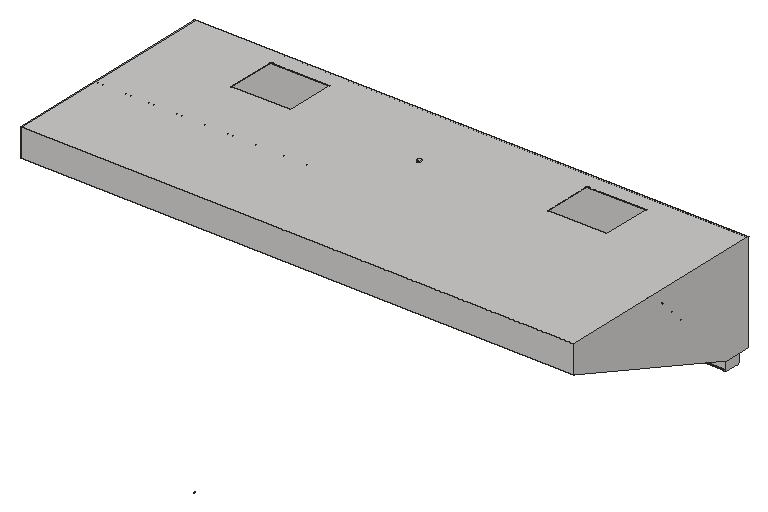
Revit family "QF_ELECTROLUXPROFESSIONAL_644195_AMPV1128BT", category Attrezzature speciali, Revit 2021
Family settings
  Quota connettore circolare = Usa diametro
  Tipo di parte = Normale
  Basato su piano di lavoro = No
  Sempre verticale = Sì
  Taglio con vuoti quando caricato = No
  Condiviso = No
  Punto di calcolo locali = No
Parameters (values of type "Standard")
  Weight = 98.00 kg
  Watts = 840 W
  Volts = 220 V
  URL Manufacturer = "https://www.electroluxprofessional.com/"
  URL = "https://www.electroluxprofessional.com/"
  Steam Supply Size = 0 mm
  Steam Supply Minimum Pressure = 0.0 Pa
  Steam Supply Maximum Pressure = 0.0 Pa
  Steam Consumption per Hour = 0
  Refrigeration Suction Line Size = 0 mm
  Refrigeration Liquid Line Size = 0 mm
  Refrigerant Compressor Remote = yes
  Prospetto di default = 0 mm
  Produttore = "Electrolux Professional"
  Phase = 1
  Modello = "AMPV1128BT"
  Length Actual = 2800 mm  # constant formula
  Item Number = "644195"
  Hot Water Size = 0 mm
  Height Actual = 500 mm  # constant formula
  HP = "1.1 HP"
  Gas Size = 0 mm
  Gas KW = 0
  Gas Input Pressure = 0 W
  Direct Waste Size = 0 mm
  Descrizione = "430 S/S WALL HOOD+FILTERS+FAN 2800X1100"
  Depth Actual = 1100 mm  # constant formula
  Cycle = 50 Hz
  Condensate Return Size = 0 mm
  Compressed Air Volume = 0.0 L/s
  Compressed Air Size = 0 mm
  Compressed Air Pressure = 0.0 Pa
  Cold Water Size = 0 mm
  Accessory = yes
Reference planes
  plane 1 "Center (Front/Back)": y = 0
  plane 2: z = 0
  plane 3 "Center (Left/Right)": x = 150
  plane 4 "LEFT": x = -1250
  plane 5 "RIGHT": x = 1550
  plane 6 "BACK": y = 550
  plane 7 "FRONT": y = -550
  plane 8 "Plane": z = 2000
  plane 9 "TOP": z = 2140
  plane 10 "Base": z = 1640
  plane 11: z = 1566
  plane 12 "DrainY": y = 485
  plane 13: x = -1247
  plane 14: through (0, 414.509, 1640.8) normal (0, 0.7314, 0.682)
  plane 15: y = 470
  plane 16: y = 220
  plane 17 "DrainX": x = 1430
  plane 18: x = -500
  plane 19: x = 800
  plane 20: x = -800
  plane 21: x = 1100
  plane 22: x = 1547
  plane 23: x = 1340
  plane 24: x = 1520
  plane 25: x = -1210
  plane 26: x = -845
  plane 27: x = -450
  plane 28: x = 1510
  plane 29: x = 1145
  plane 30: x = 750
Forms (mm)
  Extrusion 1, solid, material "QF_Finishes_Stainless Steel"
    sketch origin (-1250, 0, 0) x (0, 1, 0) y (0, 0, 1)
      loop
        line (550, 1640) -> (550, 2140) -> (-550, 2140) -> (-550, 1999.112) -> (413.973, 1640) -> (550, 1640)
    from 0 to 3
  Extrusion 2, solid, material "QF_Finishes_Stainless Steel"
    sketch origin (150, 0, 0) x (0, 1, 0) y (0, 0, 1)
      loop
        line (415.255, 1640) -> (550, 1640) -> (550, 2139.19) -> (549.2, 2139.19) -> (549.2, 1640.8) -> (415.876, 1640.8) -> (339.347, 1722.867) -> (349.609, 1732.436) -> (348.927, 1733.167) -> (337.934, 1722.917) -> (415.255, 1640)
      loop
        line (-82.203, 2139.19) -> (-82.203, 2118.6) -> (-31.047, 2118.6) -> (34.354, 2048.466) -> (46.028, 2059.352) -> (45.346, 2060.083) -> (34.403, 2049.879) -> (-30.612, 2119.6) -> (-81.203, 2119.6) -> (-81.203, 2139.19) -> (-82.203, 2139.19)
    from -1397 to 1397
  Extrusion 3, solid, material "QF_Finishes_Stainless Steel"
    sketch origin (1550, 0, 0) x (0, 1, 0) y (0, 0, 1)
      loop
        line (550, 1640) -> (550, 2140) -> (-550, 2140) -> (-550, 1999.112) -> (413.973, 1640) -> (550, 1640)
    from 0 to -3
  Extrusion 4, solid, material "QF_Finishes_Stainless Steel"
    sketch origin (150, 0, 0) x (0, 1, 0) y (0, 0, 1)
      loop
        line (-550, 2140) -> (-550, 2000) -> (-549.2, 2000) -> (-549.2, 2139.19) -> (550, 2139.19) -> (550, 2140) -> (-550, 2140)
    from -1400 to 1400
  Extrusion 5, solid, material "QF_Finishes_Stainless Steel"
    sketch origin (150, 0, 0) x (0, 1, 0) y (0, 0, 1)
      loop
        line (534, 1640) -> (436, 1640) -> (436, 1627) -> (443.5, 1627) -> (443.5, 1576)
        arc (443.5, 1576) -> (446.429, 1568.929) -> (453.5, 1566) r 10
        line (453.5, 1566) -> (516.5, 1566)
        arc (516.5, 1566) -> (523.571, 1568.929) -> (526.5, 1576) r 10
        line (526.5, 1576) -> (526.5, 1627) -> (534, 1627) -> (534, 1640)
    from 1190 to 1370
  Extrusion 6, solid, material "QF_Finishes_Stainless Steel"
    sketch origin (0, 0, 1640) x (0, 1, 0) y (-1, 0, 0)
      loop
        circle (485, -1430) r 20
    from -76 to -74
  Extrusion 7, solid, material "QF_Finished_Chrome"
    sketch origin (150, 0, 0) x (0, 1, 0) y (0, 0, 1)
      loop
        line (337.934, 1722.917) -> (341.591, 1726.327) -> (38.011, 2051.876) -> (34.354, 2048.466) -> (337.934, 1722.917)
    from -995 to -1360
  Extrusion 8, solid, material "QF_Finished_Chrome"
    sketch origin (150, 0, 0) x (0, 1, 0) y (0, 0, 1)
      loop
        line (337.934, 1722.917) -> (341.591, 1726.327) -> (38.011, 2051.876) -> (34.354, 2048.466) -> (337.934, 1722.917)
    from 600 to -600
  Extrusion 9, solid, material "QF_Finishes_Stainless Steel"
    sketch origin (150, 0, 0) x (0, 1, 0) y (0, 0, 1)
      loop
        line (337.934, 1722.917) -> (341.591, 1726.327) -> (38.011, 2051.876) -> (34.354, 2048.466) -> (337.934, 1722.917)
    from 1397 to 1360
  Extrusion 10, solid, material "QF_Finishes_Stainless Steel"
    sketch origin (150, 0, 0) x (0, 1, 0) y (0, 0, 1)
      loop
        line (341.588, 1726.324) -> (38.009, 2051.874) -> (34.354, 2048.466) -> (337.934, 1722.917) -> (341.588, 1726.324)
    from -995 to -600
  Extrusion 11, solid, material "QF_Finished_Chrome"
    sketch origin (150, 0, 0) x (0, 1, 0) y (0, 0, 1)
      loop
        line (341.588, 1726.324) -> (38.009, 2051.874) -> (34.354, 2048.466) -> (337.934, 1722.917) -> (341.588, 1726.324)
    from 995 to 1360
  Extrusion 12, void
    sketch origin (0, 0, 2140) x (0, 1, 0) y (-1, 0, 0)
      loop
        line (470, 800) -> (220, 800) -> (220, 500) -> (470, 500) -> (470, 800)
    from 0 to -10
  Extrusion 13, void
    sketch origin (940, 0, 2140) x (0, 1, 0) y (-1, 0, 0)
      loop
        line (470, 140) -> (220, 140) -> (220, -160) -> (470, -160) -> (470, 140)
    from 0 to -10
  Extrusion 14, solid, material "QF_Finishes_Stainless Steel"
    sketch origin (0, 0, 0) x (1, 0, 0) y (0, 1, 0)
      loop
        line (-1250, 550) -> (-1250, 549) -> (-1249, 549) -> (-1249, 550) -> (-1250, 550)
    from 0 to 1
  Extrusion 15, solid, material "QF_Finishes_Stainless Steel"
    sketch origin (150, 0, 0) x (0, 1, 0) y (0, 0, 1)
      loop
        line (337.934, 1722.917) -> (341.591, 1726.327) -> (38.011, 2051.876) -> (34.354, 2048.466) -> (337.934, 1722.917)
    from -1360 to -1397
  Extrusion 16, solid, material "QF_Finishes_Stainless Steel"
    sketch origin (150, 0, 0) x (0, 1, 0) y (0, 0, -1)
      loop
        line (341.588, -1726.324) -> (337.934, -1722.917) -> (34.354, -2048.466) -> (38.009, -2051.874) -> (341.588, -1726.324)
    from -995 to -600
  Extrusion 17, solid, material "QF_Finishes_Stainless Steel"
    sketch origin (0, 0, 2140) x (0, 1, 0) y (-1, 0, 0)
      loop
        circle (220, -150) r 10
    from 0 to 1.6
Cuts and joins
  Extrusion 12, Extrusion 13 cuts Extrusion 4
  joined: Extrusion 2, Extrusion 4
Lines and regions (mm)
  reference lines
    curve 1: line (150, 34.354, 2048.466) -> (150, 34.354, 1888.466)
  symbolic lines, style "SpecialityEquipment", detail levels coarse
    curve 2: line (1550, 550, 2140) -> (-1250, 550, 2140)
    curve 3: line (-1250, 550, 2140) -> (-1250, -550, 2140)
    curve 4: line (1550, -550, 2140) -> (1550, 550, 2140)
    curve 5: line (-1250, -550, 2140) -> (1550, -550, 2140)
    curve 6: line (-800, 220, 2140) -> (-500, 220, 2140)
    curve 7: line (-800, 470, 2140) -> (-800, 220, 2140)
    curve 8: line (-500, 470, 2140) -> (-800, 470, 2140)
    curve 9: line (-500, 220, 2140) -> (-500, 470, 2140)
    curve 10: line (800, 470, 2140) -> (800, 220, 2140)
    curve 11: line (800, 220, 2140) -> (1100, 220, 2140)
    curve 12: line (1100, 470, 2140) -> (800, 470, 2140)
    curve 13: line (1100, 220, 2140) -> (1100, 470, 2140)
    curve 14: line (-1250, -550, 0) -> (1550, 550, 0)
    curve 15: line (1550, -550, 0) -> (-1250, 550, 0)
Dimensions and locks
  plane 4 "LEFT" to plane 5 "RIGHT" = 2800 mm
  equal spacing: plane 4 "LEFT", plane 3 "Center (Left/Right)", plane 5 "RIGHT"
  locked: plane 8 "Plane" to level at 2000
  plane 9 "TOP" to plane 8 "Plane" = 140 mm
  locked: plane 9 "TOP" to plane 10 "Base" at 500
  plane 10 "Base" to plane 11 = 74 mm
  plane 6 "BACK" to plane 12 "DrainY" = 65 mm  (x2)
  plane 4 "LEFT" to plane 13 = 3 mm
  plane 6 "BACK" to plane 15 = 80 mm
  plane 15 to plane 16 = 250 mm  (x2)
  plane 17 "DrainX" to plane 5 "RIGHT" = 120 mm
  locked: plane 18 to plane 19 at 1300
  equal spacing: plane 18, plane 3 "Center (Left/Right)", plane 19
  plane 20 to plane 18 = 300 mm
  plane 19 to plane 21 = 300 mm
  plane 22 to plane 5 "RIGHT" = 3 mm
  locked: plane 23 to plane 17 "DrainX" at 90
  locked: plane 17 "DrainX" to plane 24 at 90
  plane 6 "BACK" to plane 7 "FRONT" = 1100 mm  (x2)
  equal spacing: plane 6 "BACK", plane 1 "Center (Front/Back)", plane 7 "FRONT"
  plane 16 to plane 7 "FRONT" = 770 mm
  plane 15 to plane 6 "BACK" = 80 mm
  locked: plane 4 "LEFT" to plane 25 at 40
  locked: plane 25 to plane 26 at 365
  locked: plane 26 to plane 27 at 395
  locked: plane 28 to plane 29 at 365
  locked: plane 29 to plane 30 at 395
  locked: plane 28 to plane 5 "RIGHT" at 40
  plane 27 to plane 30 = 1200 mm
  aligned and locked: level to plane 2
  aligned and locked: Extrusion 2 to Extrusion 1
  aligned and locked: Extrusion 2 to Extrusion 3
  aligned and locked: plane 5 "RIGHT" to Extrusion 4
  aligned and locked: Extrusion 4 to plane 4 "LEFT"
  aligned and locked: plane 22 to Extrusion 9
  aligned and locked: plane 20 to Extrusion 12
  aligned and locked: Extrusion 12 to plane 18
  aligned and locked: Extrusion 12 to plane 16
  aligned and locked: Extrusion 12 to plane 15
  aligned and locked: Extrusion 13 to plane 21
  aligned and locked: plane 19 to Extrusion 13
  aligned and locked: Extrusion 2 to Extrusion 4
  aligned and locked: plane 24 to Extrusion 5
  aligned and locked: Extrusion 5 to plane 23
  aligned and locked: Extrusion 9 to plane 28
  aligned and locked: Extrusion 11 to plane 28
  aligned and locked: Extrusion 11 to plane 29
  aligned and locked: Extrusion 8 to plane 30
  aligned and locked: Extrusion 8 to plane 27
  aligned and locked: plane 27 to Extrusion 10
  aligned and locked: Extrusion 10 to plane 26
  aligned and locked: plane 26 to Extrusion 7
  aligned and locked: Extrusion 7 to plane 25
  aligned and locked: Extrusion 15 to plane 13
  aligned and locked: plane 25 to Extrusion 15
  aligned and locked: Extrusion 16 to plane 30
  aligned and locked: Extrusion 16 to plane 29
  aligned and locked: Extrusion 3 to plane 22
Automatic sketch dimensions
  curve 5 to plane 4 "LEFT" = 0 mm
  curve 5 to plane 7 "FRONT" = 0 mm
  curve 9 to plane 16 = 0 mm
  curve 10 to plane 16 = 0 mm
  plane 15 to curve 8 = 0 mm
  plane 15 to curve 12 = 0 mm
  curve 3 to plane 6 "BACK" = 0 mm
  curve 5 to plane 5 "RIGHT" = 0 mm
  curve 11 to plane 21 = 0 mm
  curve 10 to plane 19 = 0 mm
  curve 6 to plane 18 = 0 mm
  curve 6 to plane 20 = 0 mm
  Extrusion 1 sketch curve to plane 7 "FRONT" = 0 mm
  Extrusion 1 sketch curve to plane 10 "Base" = 0 mm
  Extrusion 1 sketch curve to plane 6 "BACK" = 0 mm
  Extrusion 1 sketch curve to plane 9 "TOP" = 0 mm
  plane 15 to Extrusion 1 sketch curve = 56.027 mm
  Extrusion 1 sketch curve to plane 8 "Plane" = 0.888 mm
  Extrusion 2 sketch curve to plane 14 = 0 mm  (x3)
  Extrusion 2 sketch curve to plane 10 "Base" = 0 mm
  plane 14 to Extrusion 2 sketch curve = 0 mm
  Extrusion 2 sketch curve to plane 6 "BACK" = 0 mm
  Extrusion 2 sketch curve to Extrusion 2 sketch curve = 65.646 mm
  Extrusion 2 sketch curve to Extrusion 2 sketch curve = 0.682 mm  (x2)
  Extrusion 2 sketch curve to Extrusion 2 sketch curve = 10.261 mm
  plane 10 "Base" to Extrusion 2 sketch curve = 82.917 mm
  Extrusion 2 sketch curve to plane 1 "Center (Front/Back)" = 46.028 mm
  Extrusion 2 sketch curve to Extrusion 2 sketch curve = 10.942 mm
  Extrusion 2 sketch curve to Extrusion 2 sketch curve = 0.049 mm
  Extrusion 2 sketch curve to plane 9 "TOP" = 20.4 mm
  Extrusion 2 sketch curve to plane 9 "TOP" = 21.4 mm
  Extrusion 2 sketch curve to plane 9 "TOP" = 0.81 mm  (x2)
  Extrusion 2 sketch curve to Extrusion 2 sketch curve = 50.156 mm
  Extrusion 2 sketch curve to Extrusion 2 sketch curve = 1 mm
  plane 10 "Base" to Extrusion 2 sketch curve = 0.8 mm
  Extrusion 2 sketch curve to plane 6 "BACK" = 0.8 mm
  Extrusion 3 sketch curve to plane 7 "FRONT" = 0 mm
  Extrusion 3 sketch curve to plane 10 "Base" = 0 mm
  Extrusion 3 sketch curve to plane 6 "BACK" = 0 mm
  Extrusion 3 sketch curve to plane 9 "TOP" = 0 mm
  plane 15 to Extrusion 3 sketch curve = 56.027 mm
  Extrusion 3 sketch curve to plane 8 "Plane" = 0.888 mm
  Extrusion 4 sketch curve to plane 7 "FRONT" = 0 mm
  Extrusion 4 sketch curve to plane 8 "Plane" = 0 mm
  Extrusion 4 sketch curve to plane 6 "BACK" = 0 mm
  Extrusion 4 sketch curve to plane 9 "TOP" = 0 mm
  plane 7 "FRONT" to Extrusion 4 sketch curve = 0.8 mm
  Extrusion 4 sketch curve to plane 9 "TOP" = 0.81 mm
  curve 1 to plane 14 = 0 mm
  curve 1 to plane 1 "Center (Front/Back)" = 34.354 mm
  curve 1 to plane 8 "Plane" = 111.534 mm
  Extrusion 5 sketch curve to plane 10 "Base" = 0 mm
  Extrusion 5 sketch curve to plane 11 = 0 mm
  Extrusion 5 sketch curve to plane 10 "Base" = 13 mm  (x2)
  plane 15 to Extrusion 5 sketch curve = 34 mm
  Extrusion 5 sketch curve to Extrusion 5 sketch curve = 7.5 mm  (x2)
  Extrusion 5 sketch curve to Extrusion 5 sketch curve = 10 mm
  plane 12 "DrainY" to Extrusion 5 sketch curve = 31.5 mm
  Extrusion 5 sketch curve to plane 6 "BACK" = 23.5 mm
  Extrusion 6 sketch curve to plane 12 "DrainY" = 0 mm
  Extrusion 6 sketch curve to plane 17 "DrainX" = 0 mm
  Extrusion 7 sketch curve to plane 14 = 0 mm  (x2)
  Extrusion 7 sketch curve to plane 1 "Center (Front/Back)" = 34.354 mm
  Extrusion 7 sketch curve to Extrusion 7 sketch curve = 3.657 mm
  plane 10 "Base" to Extrusion 7 sketch curve = 82.917 mm
  Extrusion 8 sketch curve to plane 14 = 0 mm  (x2)
  Extrusion 8 sketch curve to plane 1 "Center (Front/Back)" = 34.354 mm
  Extrusion 8 sketch curve to Extrusion 8 sketch curve = 3.657 mm
  plane 10 "Base" to Extrusion 8 sketch curve = 82.917 mm
  Extrusion 9 sketch curve to plane 14 = 0 mm  (x2)
  Extrusion 9 sketch curve to plane 1 "Center (Front/Back)" = 34.354 mm
  Extrusion 9 sketch curve to Extrusion 9 sketch curve = 3.657 mm
  plane 10 "Base" to Extrusion 9 sketch curve = 82.917 mm
  Extrusion 10 sketch curve to plane 14 = 0 mm  (x2)
  Extrusion 10 sketch curve to plane 1 "Center (Front/Back)" = 34.354 mm
  Extrusion 10 sketch curve to Extrusion 10 sketch curve = 3.655 mm
  plane 10 "Base" to Extrusion 10 sketch curve = 82.917 mm
  Extrusion 11 sketch curve to plane 14 = 0 mm  (x2)
  Extrusion 11 sketch curve to plane 1 "Center (Front/Back)" = 34.354 mm
  Extrusion 11 sketch curve to Extrusion 11 sketch curve = 3.655 mm
  plane 10 "Base" to Extrusion 11 sketch curve = 82.917 mm
  Extrusion 12 sketch curve to plane 16 = 0 mm
  plane 15 to Extrusion 12 sketch curve = 0 mm
  Extrusion 12 sketch curve to plane 18 = 0 mm
  Extrusion 12 sketch curve to plane 20 = 0 mm
  Extrusion 13 sketch curve to plane 16 = 0 mm
  plane 15 to Extrusion 13 sketch curve = 0 mm
  Extrusion 13 sketch curve to plane 21 = 0 mm
  Extrusion 13 sketch curve to plane 19 = 0 mm
  Extrusion 14 sketch curve to plane 4 "LEFT" = 0 mm
  Extrusion 14 sketch curve to plane 6 "BACK" = 0 mm
  plane 4 "LEFT" to Extrusion 14 sketch curve = 1 mm
  Extrusion 14 sketch curve to plane 6 "BACK" = 1 mm
  Extrusion 15 sketch curve to plane 14 = 0 mm  (x2)
  Extrusion 15 sketch curve to plane 1 "Center (Front/Back)" = 34.354 mm
  Extrusion 15 sketch curve to Extrusion 15 sketch curve = 3.657 mm
  plane 10 "Base" to Extrusion 15 sketch curve = 82.917 mm
  Extrusion 16 sketch curve to plane 14 = 0 mm  (x2)
  Extrusion 16 sketch curve to plane 1 "Center (Front/Back)" = 34.354 mm
  Extrusion 16 sketch curve to Extrusion 16 sketch curve = 3.655 mm
  plane 10 "Base" to Extrusion 16 sketch curve = 82.917 mm
  curve 15 to plane 4 "LEFT" = 0 mm
  curve 14 to plane 4 "LEFT" = 0 mm
  curve 15 to plane 5 "RIGHT" = 0 mm
  curve 14 to plane 5 "RIGHT" = 0 mm
  curve 15 to plane 7 "FRONT" = 0 mm
  curve 14 to plane 7 "FRONT" = 0 mm
  curve 15 to plane 6 "BACK" = 0 mm
  curve 14 to plane 6 "BACK" = 0 mm
  Extrusion 17 sketch curve to plane 3 "Center (Left/Right)" = 0 mm
  Extrusion 17 sketch curve to plane 16 = 0 mm
  radius of Extrusion 6 sketch curve = 20 mm
  radius of Extrusion 17 sketch curve = 10 mm
Connectors
  piping at (1430, 485, 1564), diameter 20
    settings: on Extrusion 6, index 1, connector inside diameter 609.6 mm, connector length 0 mm, flow factor 0, pipe flow 0.0 L/s, pressure drop 0.0 Pa, fitting loss kfactor 0, connector angle 0.00°, fixture units 0, engagement length 0 mm, angle of deflection 0.00°, flow configuration 1, flow direction 2, fitting loss method 0, system type 16, joint type 0, gender type 0, connector reference index -1, connector utility 0, adjustable connector no, is connector primary yes, connector description "Drain"
  hvac at (-650, 345, 2140)
    settings: on Extrusion 12, index 2, duct flow 0.0 L/s, flow factor 0, pres drop 0.0 Pa, loss coef 0, conn angle 0.00°, conn width 250 mm, conn height 300 mm, conn diameter 609.6 mm, duct sys type 3, conn prof type 1, flow config 1, flow direction 2, loss method 0, conn ref index -1, conn util no, is conn primary yes, conn desc "EXHAUST OUTLET"
  hvac at (950, 345, 2140)
    settings: on Extrusion 13, index 3, duct flow 0.0 L/s, flow factor 0, pres drop 0.0 Pa, loss coef 0, conn angle 0.00°, conn width 250 mm, conn height 300 mm, conn diameter 609.6 mm, duct sys type 3, conn prof type 1, flow config 1, flow direction 2, loss method 0, conn ref index -1, conn util no, is conn primary no, conn desc "EXHAUST OUTLET"
  electrical at (150, 220, 2141.6), driven by "Volts"
    settings: on Extrusion 17, index 4, voltage 220 V, apparent load 0 VA, apparent load phase1 0 VA, apparent load phase2 0 VA, apparent load phase3 0 VA, power factor 1, load classification "Other", number of poles 1, system type 30, power factor state 1, is connector primary yes, connector utility no, sub classification motor no, connector description "Electrical Connection"
